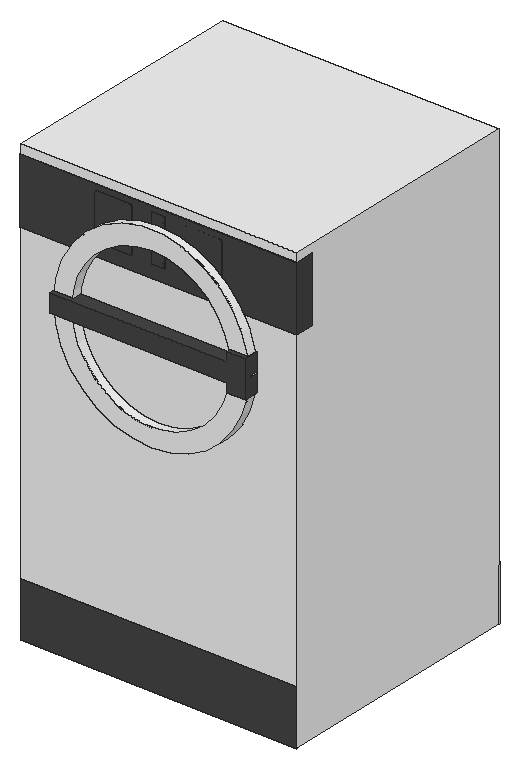
Revit family "_Commerical Front Washer", category Mechanical Equipment, Revit 2018
Family settings
  Round Connector Dimension = Use Radius
  Part Type = Normal
  OmniClass Number = 23.45.70.11.14.11
  OmniClass Title = Washing Machines
  Work Plane-Based = No
  Always vertical = Yes
  Cut with Voids When Loaded = No
  Shared = No
  Room Calculation Point = No
Parameters (values of type "T-400")
  Water_Pressure = ""
  Water_Flow_Rate = ""
  Warranty Duration (Years) = 0
  VOLTAGE = 0 V
  URL = "http://www.continentalgirbau.com"
  Trim Material = Painted Metal - Black
  Three Phase = 0 VA
  Test Data = ""
  Specification = "http://www.arcat.com/sd/clients/cogirbau.html?coid=44467"
  SpecWizard = "http://www.arcat.com/specwizard/11110con/index.htm?mf=&coid=44467"
  Single Phase = 0 VA
  Shell Material = Stainless Steel
  Send Message = "http://admin.arcat.com/users.pl?action=UserEmail&company=Continental%20Girbau,%20Inc.&coid=44467&rep=132&fax=920-231-4666 &mf="
  Sales Information = ""
  Product Properties = "http://www.arcat.com/bim/bim_info.pl?fn=Commercial_Washer"
  Product Data = "http://www.arcat.com/arcatcos/cos44/arc44467.html"
  Perf_WashSpeed = "34 rpm"
  Perf_SpinSpeed = "465 rpm"
  Perf_G-Force = "130 G"
  OpeningCL = DoorOpening / 2  # 10 5/8"
  Model = "Generic"
  Mech_Waste = 1 1/2"
  Mech_Steam-Pressure = "0 psi"
  Mech_Steam-Flow = "0 lbs/hr"
  Mech_Steam = 3/4"
  Mech_HW = 3/8"
  Mech_CW = 3/8"
  Manufacturer Website = "http://www.continentalgirbau.com"
  Manufacturer Phone - Toll Free = "800-256-1073 "
  Manufacturer Phone = "920-231-8222 "
  Manufacturer Fax = "920-231-4666 "
  Manufacturer Address = "2500 State Rd. 44; Oshkosh; WI 54904\r\n"
  Manufacturer = "Continental Girbau, Inc.\r\n"
  Maintenance Schedule (Months) = 0
  MachWidth = 30"
  MachHeight = 48 1/4"
  MachDepth = 27 1/2"
  LwrPanHt = MachHeight / 3  # 16.08333"
  Keynote = "11 23 00"
  Installation-Fabrication = ""
  Installation Phase = "Interior Fittings"
  InstWidth = 18"
  Green Building-LEED = "http://www.arcat.com/green/clients/leed_data_44467.html"
  GlassCL = OpeningCL - 2"  # 8 5/8"
  Fr_FaceWdth = MachWidth / 6  # 5"
  Expected Lifespan (Years) = 0
  Drawn By = "Robert S. Weygant, CSI, CDT, SCIP"
  DoorOpening = 21 1/4"
  DoorHeight = 24 51/128"
  Description = "Commercial Washer"
  Cyl_Diam = CylRad * 2  # 48"
  Cyl_Depth = 23 1/2"
  CylRad = 24"
  Copyright = "2009, ARCAT, Inc."  # constant formula
  Construction Details = "http://www.arcat.com/details/cogirbau/cogirbau.html?coid=44467"
  Capacity_Weight = 125
  Capacity_Volume = (3.1416 * (CylRad ^ 2)) * Cyl_Depth  # 0.69685 m³
  Building Codes = ""
  Assembly Code = "E1010610"
  480V THREE PHASE [instance] = yes
  240V THREE PHASE [instance] = yes
Types (3): name | MachWidth | MachHeight | MachDepth | LwrPanHt | Fr_FaceWdth
  MFR50PD | 33 1/2" | 52 1/4" | 41" | 17.41667" | 5.58333"
  MFR35PD | 33 1/2" | 51 1/2" | 32" | 17.16667" | 5.58333"
  T-400 | 30" | 48 1/4" | 27 1/2" | 16.08333" | 5"
Reference planes (in)
  plane 1 "Front": y = 0
  plane 2: z = 0
  plane 3 "Center (Left/Right)": x = 4.36029
  plane 4: x = -10.63971
  plane 5: x = 19.36029
  plane 6: y = 27.5
  plane 7: z = 48.25
  plane 8: z = 35.02344
  plane 9: z = 24.39844
  plane 10 "DoorFront": y = 2
  plane 11: y = 25.5
Forms (in)
  Extrusion 1, solid, material "Stainless Steel" <- "Shell Material"
    sketch origin (0, 0, 0) x (1, 0, 0) y (0, 1, 0)
      loop
        line (-10.63971, 0) -> (19.36029, 0) -> (19.36029, 27.5) -> (-10.63971, 27.5) -> (-10.63971, 0)
    from 0 to 48.25
  Extrusion 2, solid, material "Stainless Steel" <- "Shell Material"
    sketch origin (0, 2, -5.875) x (-1, 0, 0) y (0, 0, 1)
      loop
        circle (-4.36029, 40.89844) r 10.625
      loop
        circle (-4.36029, 40.89844) r 8.625
    from 0.5 to -3
  Extrusion 3, void
    sketch origin (0, 2, 0) x (-1, 0, 0) y (0, 0, 1)
      loop
        circle (-4.36029, 35.02344) r 10.625
    from 0 to 0.5
  Extrusion 4, solid, material "Painted Metal - Black"
    sketch origin (0.61182, 2, 0) x (-1, 0, 0) y (0, 0, 1)
      loop
        line (11.31403, 47.33799) -> (-18.81202, 47.33799) -> (-18.81202, 40.25) -> (11.31403, 40.25) -> (11.31403, 47.33799)
    from 0 to -2.0625
  Extrusion 5, solid, material "Glass"
    sketch origin (0, 2, -5.875) x (-1, 0, 0) y (0, 0, 1)
      loop
        circle (-4.36029, 40.89844) r 8.625
    from 0 to 0.5
  Extrusion 6, solid, material "Painted Metal - Black" <- "Trim Material"
    sketch origin (0, 0, 0) x (1, 0, 0) y (0, 0, 1)
      loop
        line (-2.50408, 46.44557) -> (-2.50408, 41.94487)
        arc (-2.50408, 41.94487) -> (-2.43108, 41.76861) -> (-2.25482, 41.6956) r 0.24926
        line (-2.25482, 41.6956) -> (1.2445, 41.6956)
        arc (1.2445, 41.6956) -> (1.42112, 41.76876) -> (1.49428, 41.94538) r 0.24977
        line (1.49428, 41.94538) -> (1.49428, 46.44506)
        arc (1.49428, 46.44506) -> (1.42112, 46.62168) -> (1.2445, 46.69483) r 0.24977
        line (1.2445, 46.69483) -> (-2.25482, 46.69483)
        arc (-2.25482, 46.69483) -> (-2.43108, 46.62183) -> (-2.50408, 46.44557) r 0.24926
      loop
        line (3.64555, 46.69522) -> (3.64555, 41.69522) -> (5.07503, 41.69522) -> (5.07503, 46.69522) -> (3.64555, 46.69522)
      loop
        line (7.47361, 41.92927) -> (10.97411, 41.92927)
        arc (10.97411, 41.92927) -> (11.15128, 42.00266) -> (11.22466, 42.17983) r 0.25055
        line (11.22466, 42.17983) -> (11.22466, 46.44496)
        arc (11.22466, 46.44496) -> (11.15128, 46.62212) -> (10.97411, 46.69551) r 0.25055
        line (10.97411, 46.69551) -> (7.47361, 46.69551)
        arc (7.47361, 46.69551) -> (7.29671, 46.62223) -> (7.22344, 46.44534) r 0.25017
        line (7.22344, 46.44534) -> (7.22344, 42.17944)
        arc (7.22344, 42.17944) -> (7.29671, 42.00255) -> (7.47361, 41.92927) r 0.25017
    from 0 to 0.0625
  Extrusion 7, solid, material "Painted Metal - Black" <- "Trim Material"
    sketch origin (0, 0, 0) x (1, 0, 0) y (0, 0, 1)
      loop
        line (-10.63971, 0) -> (19.36029, 0) -> (19.36029, 6) -> (-10.63971, 6) -> (-10.63971, 0)
    from -0.0625 to 0.0625
  Extrusion 8, solid
    sketch origin (0, 0, 0) x (1, 0, 0) y (0, 0, 1)
      loop
        line (19.36029, 0) -> (19.36029, 6) -> (13.36029, 6) -> (13.36029, 0) -> (19.36029, 0)
    from -27.5 to -27.5625
  Extrusion 9, solid
    sketch origin (0, 0, -10) x (1, 0, 0) y (0, 0, 1)
      loop
        line (7.36029, 18) -> (1.36029, 18) -> (1.36029, 12) -> (7.36029, 12) -> (7.36029, 18)
    from -27.5625 to -27.5
  Extrusion 10, solid
    sketch origin (19, 0, 42.28245) x (1, 0, 0) y (0, 0, 1)
      loop
        line (-5.63971, -2.03245) -> (-11.63971, -2.03245) -> (-11.63971, -8.03245) -> (-5.63971, -8.03245) -> (-5.63971, -2.03245)
    from -27.5625 to -27.5
  Extrusion 11, solid
    sketch origin (9, 0, 42.28245) x (1, 0, 0) y (0, 0, 1)
      loop
        line (-5.63971, -2.03245) -> (-11.63971, -2.03245) -> (-11.63971, -8.03245) -> (-5.63971, -8.03245) -> (-5.63971, -2.03245)
    from -27.5625 to -27.5
  Extrusion 12, solid, material "Painted Metal - Black" <- "Trim Material"
    sketch origin (0, 0, 0) x (1, 0, 0) y (0, 0, 1)
      loop
        line (12.98529, 37.02344) -> (12.98529, 36.02344) -> (-6.26471, 36.02344) -> (-6.26471, 34.02344) -> (12.98529, 34.02344) -> (12.98529, 33.02344) -> (14.98529, 33.02344) -> (14.98529, 37.02344) -> (12.98529, 37.02344)
    from 0 to 1.49842
Cuts and joins
  Extrusion 3 cuts Extrusion 1
  Extrusion 3 cuts Extrusion 2
Lines and regions (in)
  symbolic lines
    curve 1: line (15.13568, 2, 0) -> (13.13568, 2, 0)
    curve 2: line (15.13568, -19.25, 0) -> (15.13568, 2, 0)
    curve 3: line (13.13568, -19.25, 0) -> (15.13568, -19.25, 0)
    curve 4: line (13.13568, 2, 0) -> (13.13568, -19.25, 0)
    curve 5: arc (13.13568, -19.25, 0) -> (-1.89034, -13.02602, 0) -> (-8.11432, 2, 0) r 21.25
Dimensions and locks (in)
  "MachWidth": plane 4 to plane 5
  "MachDepth": plane 1 "Front" to plane 6
  equal spacing: plane 4, plane 3 "Center (Left/Right)", plane 5
  "MachHeight": plane 7 to plane 2
  "DoorHeight": plane 9 to plane 2
  "OpeningCL": plane 8 to plane 9
  "Cyl_Depth": plane 11 to plane 10 "DoorFront"
  locked: Extrusion 4 sketch curve to Extrusion 4 sketch curve at 7.08799
  "DoorOpening": curve 3 to curve 1
  locked: Extrusion 6 sketch curve to Extrusion 6 sketch curve at 3.99836
  locked: Extrusion 6 sketch curve to Extrusion 6 sketch curve at 4.00123
  equal spacing: Extrusion 6 sketch curve, plane 3 "Center (Left/Right)", Extrusion 6 sketch curve  (x2)
  locked: Extrusion 7 to Extrusion 8 sketch curve at 6
  locked: Extrusion 8 sketch curve to Extrusion 8 sketch curve at 6
  locked: Extrusion 8 to cut or joined group of Extrusion 1, Extrusion 3 at 0.0625
  locked: Extrusion 9 sketch curve to Extrusion 9 sketch curve at 6  (x2)
  cut or joined group of Extrusion 1, Extrusion 3 to Extrusion 9 sketch curve = 2"
  equal spacing: Extrusion 9 sketch curve, plane 3 "Center (Left/Right)", Extrusion 9 sketch curve
  locked: Extrusion 10 sketch curve to Extrusion 10 sketch curve at 6  (x2)
  Extrusion 10 sketch curve to Extrusion 10 sketch curve = 6"
  locked: cut or joined group of Extrusion 1, Extrusion 3 to Extrusion 10 at 6
  locked: Extrusion 11 sketch curve to Extrusion 11 sketch curve at 6  (x2)
  Extrusion 11 sketch curve to Extrusion 11 sketch curve = 6"
  locked: cut or joined group of Extrusion 1, Extrusion 3 to Extrusion 11 at 16
  locked: Extrusion 10 to cut or joined group of Extrusion 1, Extrusion 3 at 8
  locked: Extrusion 11 to cut or joined group of Extrusion 1, Extrusion 3 at 8
  equal spacing: curve 5, plane 3 "Center (Left/Right)", curve 2
  plane 3 "Center (Left/Right)" to curve 4 = 8.77539"
  locked: curve 4 to curve 2 at 2
  locked: plane 4 to Extrusion 4 at 0.0625
  locked: plane 5 to Extrusion 4 at 0.06355
  "DoorOpening": Extrusion 12 sketch curve to Extrusion 12 sketch curve
  equal spacing: Extrusion 12 sketch curve, plane 3 "Center (Left/Right)", Extrusion 12 sketch curve
  locked: Extrusion 12 to plane 1 "Front" at 1.49842
  "OpeningCL": radius of Extrusion 2 sketch curve
  "GlassCL": radius of Extrusion 2 sketch curve
  "OpeningCL": radius of Extrusion 3 sketch curve
  "GlassCL": radius of Extrusion 5 sketch curve
  "DoorOpening": radius of curve 5
  aligned and locked: plane 4 to Extrusion 1
  aligned and locked: plane 5 to Extrusion 1
  aligned and locked: plane 1 "Front" to Extrusion 1
  aligned and locked: plane 6 to Extrusion 1
  aligned and locked: plane 7 to Extrusion 1
  aligned and locked: Extrusion 7 sketch curve to plane 5
  aligned and locked: Extrusion 7 sketch curve to plane 2
  aligned and locked: cut or joined group of Extrusion 1, Extrusion 3 to Extrusion 7 sketch curve
  aligned and locked: plane 8 to Extrusion 5
  aligned and locked: plane 8 to cut or joined group of Extrusion 2, Extrusion 3
  aligned and locked: Extrusion 8 sketch curve to cut or joined group of Extrusion 1, Extrusion 3  (x2)
  aligned and locked: Extrusion 8 to cut or joined group of Extrusion 1, Extrusion 3
  aligned and locked: Extrusion 9 to cut or joined group of Extrusion 1, Extrusion 3
  aligned and locked: Extrusion 9 to Extrusion 8
  aligned and locked: Extrusion 10 to cut or joined group of Extrusion 1, Extrusion 3
  aligned and locked: Extrusion 10 to Extrusion 8
  aligned and locked: Extrusion 11 to cut or joined group of Extrusion 1, Extrusion 3
  aligned and locked: Extrusion 11 to Extrusion 8
  aligned and locked: plane 10 "DoorFront" to curve 1
  aligned and locked: Extrusion 4 to Extrusion 6
  aligned and locked: Extrusion 12 to plane 1 "Front"
Automatic sketch dimensions
  plane 5 to curve 1 = 6.22461"
  Extrusion 1 sketch curve to plane 4 = 0"
  Extrusion 1 sketch curve to plane 5 = 0"
  plane 1 "Front" to Extrusion 1 sketch curve = 0"
  Extrusion 1 sketch curve to plane 6 = 0"
  Extrusion 2 sketch curve to Extrusion 2 sketch curve = 0"  (x2)
  Extrusion 2 sketch curve to plane 3 "Center (Left/Right)" = 0"
  Extrusion 2 sketch curve to plane 8 = 0"
  Extrusion 3 sketch curve to plane 3 "Center (Left/Right)" = 0"
  Extrusion 3 sketch curve to plane 8 = 0"
  Extrusion 4 sketch curve to plane 5 = 0.06355"
  Extrusion 4 sketch curve to plane 4 = 1/16"
  Extrusion 4 sketch curve to plane 7 = 8"
  Extrusion 5 sketch curve to plane 3 "Center (Left/Right)" = 0"
  Extrusion 5 sketch curve to plane 8 = 0"
  Extrusion 6 sketch curve to plane 7 = 1.80443"
  Extrusion 6 sketch curve to plane 3 "Center (Left/Right)" = 6.86437"
  Extrusion 6 sketch curve to Extrusion 6 sketch curve = 0.24926"  (x2)
  Extrusion 6 sketch curve to Extrusion 6 sketch curve = 0.24977"  (x2)
  Extrusion 6 sketch curve to plane 3 "Center (Left/Right)" = 0.71474"
  Extrusion 6 sketch curve to Extrusion 6 sketch curve = 0.25017"  (x2)
  Extrusion 6 sketch curve to Extrusion 6 sketch curve = 0.25055"  (x2)
  Extrusion 6 sketch curve to plane 7 = 1.80504"
  Extrusion 6 sketch curve to Extrusion 6 sketch curve = 4.26513"
  Extrusion 6 sketch curve to Extrusion 6 sketch curve = 4.49968"
  Extrusion 6 sketch curve to Extrusion 6 sketch curve = 0.25016"
  Extrusion 6 sketch curve to plane 7 = 1.55478"
  level to Extrusion 7 sketch curve = 6"
  plane 3 "Center (Left/Right)" to Extrusion 10 sketch curve = 3"
  Extrusion 10 sketch curve to plane 8 = 99/128"
  Extrusion 11 sketch curve to plane 3 "Center (Left/Right)" = 7"
  Extrusion 11 sketch curve to plane 8 = 99/128"
  plane 8 to Extrusion 12 sketch curve = 1"
  Extrusion 12 sketch curve to Extrusion 12 sketch curve = 2"  (x2)
  Extrusion 12 sketch curve to plane 8 = 1"
  Extrusion 12 sketch curve to Extrusion 12 sketch curve = 1"
  plane 8 to Extrusion 12 sketch curve = 2"
Connectors (in)
  electrical at (16.36029, 27.5625, 3), driven by "VOLTAGE", driven by "Single Phase", driven by "Three Phase"
    settings: on Extrusion 8, index 1, voltage 0 V, apparent load 0 VA, apparent load phase1 0 VA, apparent load phase2 0 VA, apparent load phase3 0 VA, power factor 1, load classification "Other", number of poles 3, system type 31, power factor state 1, is connector primary yes, connector utility no, sub classification motor no, connector description "POWER"
  piping at (4.36029, 27.5625, 5), diameter 3, driven by "Mech_Waste"
    settings: on Extrusion 9, index 2, connector inside diameter 6", connector length 0", flow factor 0, pipe flow 0 GPM, pressure drop 0.00 psi, fitting loss kfactor 0, connector angle 0.00°, fixture units 0, engagement length 0", angle of deflection 0.00°, flow configuration 0, flow direction 0, fitting loss method 0, system type 16, joint type 0, gender type 0, connector reference index -1, connector utility 0, adjustable connector no, is connector primary yes, connector description "MECH WASTE"
  piping at (10.36029, 27.5625, 37.25), diameter 0.75, driven by "Mech_HW"
    settings: on Extrusion 10, index 3, connector inside diameter 2", connector length 0", flow factor 0, pipe flow 0 GPM, pressure drop 0.00 psi, fitting loss kfactor 0, connector angle 0.00°, fixture units 0, engagement length 0", angle of deflection 0.00°, flow configuration 0, flow direction 0, fitting loss method 0, system type 19, joint type 0, gender type 0, connector reference index -1, connector utility 0, adjustable connector no, is connector primary no, connector description "MECH HW"
  piping at (0.36029, 27.5625, 37.25), diameter 0.75, driven by "Mech_CW"
    settings: on Extrusion 11, index 4, connector inside diameter 2", connector length 0", flow factor 0, pipe flow 0 GPM, pressure drop 0.00 psi, fitting loss kfactor 0, connector angle 0.00°, fixture units 0, engagement length 0", angle of deflection 0.00°, flow configuration 0, flow direction 0, fitting loss method 0, system type 20, joint type 0, gender type 0, connector reference index -1, connector utility 0, adjustable connector no, is connector primary no, connector description "MECH CW"
